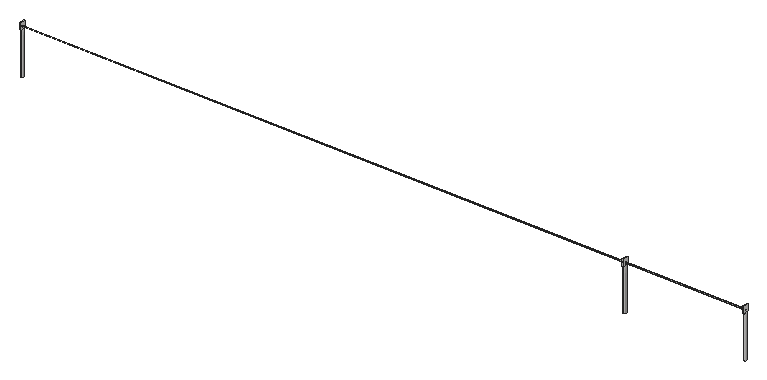
Revit family
Parameters (values of type "Wire System")
  Wire Height [instance] = 0' - 4 1/2"
  Warranty Duration (Years) = 0
  URL = "http://www.birdbgone.com/"
  Test Data = "http://www.birdbgone.com/bird-control-product-msds"
  Supports_Array [instance] = if(Supports > 1, Supports, 2)  # 2
  Supports [instance] = if(not(Int < Length Div), Int - 1, Int)  # 1
  SingleSupport [instance] = Supports = 1  # yes
  Int [instance] = Length Div  # 1
  Specification = "http://www.arcat.com/sdspecs/htm/10290bir.htm"
  SpecWizard = ""
  Send Message = "http://www.arcat.com/users.pl?action=UserEmail&company=Bird-B-Gone,%20Inc.&coid=38371&rep=147&fax=949-472-3116&mf="
  Sales Information = "http://www.birdbgone.com/bird-control-store/"
  Revision = "R1_10-2010"
  Product Properties = "http://www.arcat.com/bim/bim_info.pl?fn=BirdBGone"
  Product Data = "http://www.arcat.com/arcatcos/cos38/arc38371.html"
  Model = "As Specified in 10 81 19"
  Material = Metal - Stainless Steel - Bird B Gone
  Manufacturer Website = "http://www.birdbgone.com/"
  Manufacturer Phone - Toll Free = "800-392-6915"
  Manufacturer Phone = "949-472-3122"
  Manufacturer Fax = "949-472-3116"
  Manufacturer Address = "23918 Skyline, Mission Viejo, CA 92692"
  Manufacturer = "Bird-B-Gone, Inc."
  Maintenance Schedule (Months) = 0
  Length Div [instance] = [built-in parameter 1001306] / 5' 0"  # 1.2
  built-in parameter 1001306 [instance] = 6' - 0"
  Keynote = "10 81 19"
  Installation-Fabrication = "http://www.birdbgone.com/installation-instructions"
  Installation Phase = ""
  Green Building-LEED = "http://www.arcat.com/green/clients/leed_data_38371.html"
  Expected Lifespan (Years) = 0
  Drawn By = "Robert S. Weygant, CSI, CDT, SCIP"
  Description = "Bird Control Equipment as Specified in 10 81 19"
  Copyright = "2010 ARCAT, Inc."
  Construction Details = "http://www.arcat.com/details/birdbgon/birdbgon.html?coid=38371"
  Building Codes = "http://www.birdbgone.com/knowledge-center/"
  Assembly Code = "E1090900"
  Array [instance] = Supports > 1  # no
Reference planes (in)
  plane 1 "Center (Front/Back)": y = 0
  plane 2: z = 0
  plane 3 "Left": x = 0
  plane 4 "Right": x = 72
  plane 5 "Wire": z = 4.5
Forms (in)
  Sweep 1, solid, material "Metal - Stainless Steel - Bird B Gone" <- "Material", detail levels medium+fine
    path origin (0, 0, 4.5) x (-1, 0, 0) y (0, -1, 0)
      loop
        line (-72, 0) -> (0, 0)
    profile origin (36, 0, 4.5) x (0, -1, 0) y (0, 0, 1)
      loop
        circle (0, 0) r 0.03125
Lines and regions (in)
  reference lines
    curve 1: line (0, 0, 0) -> (72, 0, 0)
  model lines, style "Bird Control", detail levels coarse
    curve 2: line (0, 0, 4.5) -> (72, 0, 4.5)
Dimensions and locks (in)
  "built-in parameter 1001306": plane 3 "Left" to plane 4 "Right"
  group 1 to group 2 = 5' - 0"
  group 1 to group 2 = 0' - 0"  (x2)
  "Wire Height": plane 5 "Wire" to level
  aligned and locked: plane 4 "Right" to curve 1
  aligned and locked: plane 3 "Left" to curve 1
  aligned and locked: plane 4 "Right" to nested 4
Automatic sketch dimensions
  curve 1 to plane 1 "Center (Front/Back)" = 0' - 0"
  curve 2 to plane 1 "Center (Front/Back)" = 0' - 0"
  curve 2 to plane 4 "Right" = 0' - 0"
  curve 2 to plane 3 "Left" = 0' - 0"
  Sweep 1 sketch curve to plane 1 "Center (Front/Back)" = 0' - 0"
  Sweep 1 sketch curve to plane 4 "Right" = 0' - 0"
  Sweep 1 sketch curve to plane 3 "Left" = 0' - 0"
  Sweep 1 sketch curve to plane 5 "Wire" = 0' - 0"
  Sweep 1 sketch curve to profile plane = 0' - 0"
  radius of Sweep 1 sketch curve = 0' - 0 1/32"
Nested families (in)
  nested 1: "Support_Wire" at (60, 0, 0) x (0, 1, 0) z (0, 0, 1), Material <- "Material", Unit Height <- "Wire Height", visible <- "Array", type "BirdBGone template - Standalone"
    with offset 0' - 0", Unit Height 0' - 4 1/2", Material Metal - Stainless Steel - Bird B Gone
  nested 2: "Support_Wire" at (120, 0, 0) x (0, 1, 0) z (0, 0, 1), Material <- "Material", Unit Height <- "Wire Height", visible <- "Array", type "BirdBGone template - Standalone"
    with offset 0' - 0", Unit Height 0' - 4 1/2", Material Metal - Stainless Steel - Bird B Gone
  nested 3: "Support_Wire" at (0, 0, 0) x (0, 1, 0) z (0, 0, 1), Material <- "Material", Unit Height <- "Wire Height", type "BirdBGone template - Standalone"
    with offset 0' - 0", Unit Height 0' - 4 1/2", Material Metal - Stainless Steel - Bird B Gone
  nested 4: "Support_Wire" at (72, 0, 0) x (0, 1, 0) z (0, 0, 1), Material <- "Material", Unit Height <- "Wire Height", type "BirdBGone template - Standalone"
    with offset 0' - 0", Unit Height 0' - 4 1/2", Material Metal - Stainless Steel - Bird B Gone
  nested 5: "Support_Wire" at (60, 0, 0) x (0, 1, 0) z (0, 0, 1), Material <- "Material", Unit Height <- "Wire Height", visible <- "SingleSupport", type "BirdBGone template - Standalone"
    with offset 0' - 0", Unit Height 0' - 4 1/2", Material Metal - Stainless Steel - Bird B Gone
Definition of nested family "Support_Wire"
  Parameters (values of type "BirdBGone template - Standalone")
    offset [instance] = 0' - 0"
    Warranty Duration (Years) = 0
    Unit Width = 0' - 7"
    Unit Height [instance] = 0' - 5"
    Unit Depth = 0' - 0 1/4"
    URL = "http://www.birdbgone.com/"
    Test Data = "http://www.birdbgone.com/bird-control-product-msds"
    Specification = "http://www.arcat.com/sdspecs/htm/10290bir.htm"
    SpecWizard = ""
    Send Message = "http://www.arcat.com/users.pl?action=UserEmail&company=Bird-B-Gone,%20Inc.&coid=38371&rep=147&fax=949-472-3116&mf="
    Sales Information = "http://www.birdbgone.com/bird-control-store/"
    Revision = "R1_10-2010"
    Product Properties = "http://www.arcat.com/bim/bim_info.pl?fn=BirdBGone"
    Product Data = "http://www.arcat.com/arcatcos/cos38/arc38371.html"
    Model = "As Specified in 10 81 19"
    Material [instance] = none
    Manufacturer Website = "http://www.birdbgone.com/"
    Manufacturer Phone - Toll Free = "800-392-6915"
    Manufacturer Phone = "949-472-3122"
    Manufacturer Fax = "949-472-3116"
    Manufacturer Address = "23918 Skyline, Mission Viejo, CA 92692"
    Manufacturer = "Bird-B-Gone, Inc."
    Maintenance Schedule (Months) = 0
    Keynote = "10 81 19"
    Installation-Fabrication = "http://www.birdbgone.com/installation-instructions"
    Installation Phase = ""
    Green Building-LEED = "http://www.arcat.com/green/clients/leed_data_38371.html"
    Expected Lifespan (Years) = 0
    Drawn By = "Robert S. Weygant, CSI, CDT, SCIP"
    Description = "Bird Control Equipment as Specified in 10 81 19"
    Copyright = "wt"
    Construction Details = "http://www.arcat.com/details/birdbgon/birdbgon.html?coid=38371"
    Building Codes = "http://www.birdbgone.com/knowledge-center/"
    Assembly Code = "E1090900"
  Reference planes (in)
    plane 1 "Center (Front/Back)": y = 0
    plane 2 "Bottom": z = 0
    plane 3 "Center (Left/Right)": x = 0
    plane 4 "Top": z = 5
    plane 5: z = 4.5
    plane 6: z = 5.375
  Forms (in)
    Sweep 1, solid, material <- "Material", detail levels medium+fine
      path origin (0, 0, 0) x (0.707107, 0, 0.707107) y (-0.707107, 0, 0.707107)
        loop
          line (0, 0) -> (3.35876, 3.35876)
      profile origin (0, 0, 2.375) x (-1, 0, 0) y (0, -1, 0)
        loop
          circle (0, 0) r 0.125
    Extrusion 2, solid, material <- "Material", detail levels medium+fine
      sketch origin (0, 0, 0) x (0.707107, 0, 0.707107) y (-0.707107, 0, 0.707107)
        loop
          line (3.62392, 3.97748) -> (3.20408, 3.55763) -> (3.25743, 3.25743) -> (3.55763, 3.20408) -> (3.97748, 3.62392) -> (3.62392, 3.97748)
        loop
          circle (3.53553, 3.53553) r 0.125
      from -0.0625 to 0.0625
  Cuts and joins
    joined: Sweep 1, Extrusion 2
  Lines and regions (in)
    model lines, style "Bird Control", detail levels coarse
      curve 1: line (0, 0, 0) -> (0, 0, 5)
  Dimensions and locks (in)
    "Unit Height": plane 4 "Top" to level
    plane 6 to plane 4 "Top" to plane 5 = 0' - 0 3/8" locked, 0' - 0 1/2" locked
    locked: plane 4 "Top" to Sweep 1 sketch curve at 0.25
    aligned and locked: level to Sweep 1 sketch curve
  Automatic sketch dimensions
    Sweep 1 sketch curve to profile plane = 0' - 0"  (x2)
    curve 1 to level = 0' - 0"
    curve 1 to plane 3 "Center (Left/Right)" = 0' - 0"  (x2)
    curve 1 to plane 4 "Top" = 0' - 0"
    Extrusion 2 sketch curve to plane 3 "Center (Left/Right)" = 0' - 0"  (x2)
    Extrusion 2 sketch curve to plane 4 "Top" = 0' - 0"
    Extrusion 2 sketch curve to plane 6 = 0' - 0"  (x2)
    Extrusion 2 sketch curve to Extrusion 2 sketch curve = 0' - 0.2781"
    Extrusion 2 sketch curve to Extrusion 2 sketch curve = 0' - 0.05335"
    Extrusion 2 sketch curve to Extrusion 2 sketch curve = 0' - 0.3002"
    Extrusion 2 sketch curve to Extrusion 2 sketch curve = 0' - 0.08839"
    Extrusion 2 sketch curve to Extrusion 2 sketch curve = 0' - 0.44194"
    Sweep 1 sketch curve to plane 3 "Center (Left/Right)" = 0' - 0"  (x2)
    radius of Sweep 1 sketch curve = 0' - 0 1/8"
    radius of Extrusion 2 sketch curve = 0' - 0 1/8"
